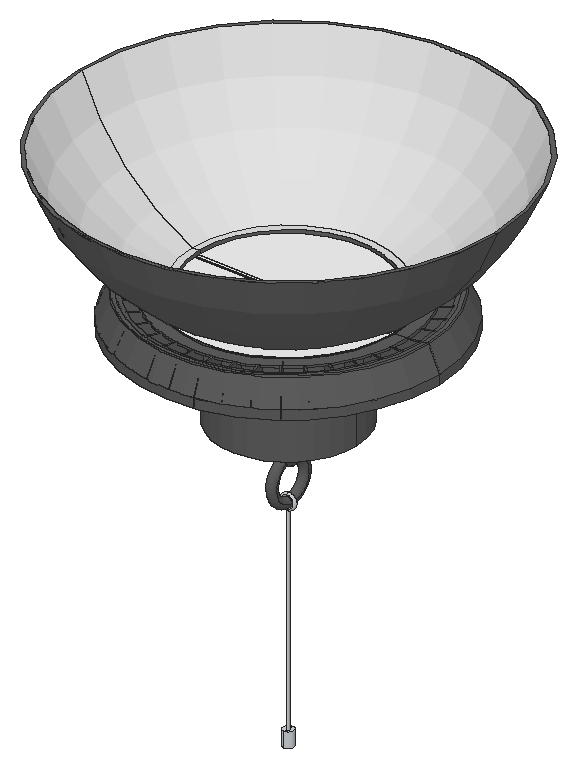
Revit family "0039366+0039357 Sylvania Lighting Fixture START HighBay IP65 DALI 19000lm 840 WB with ALU SHADE BLACK COLOR FOR 13 19KLM pendant", category Lighting Fixtures, host Face, Revit 2017
Family settings
  Host = Face
  Round Connector Dimension = Use Diameter
  Part Type = Normal
  OmniClass Number = 23.80.70.00
  OmniClass Title = Lighting
  Cut with Voids When Loaded = No
  Light Source = Yes
  Shared = No
  Room Calculation Point = No
Parameters (values of type "0039366+0039357 START HighBay IP65 DALI 19000lm 840 WB with ALU SHADE BLACK COLOR FOR 13/19KLM")
  WidthStraight_FEILO = if(SizeS_FEILO, 3 mm, if(SizeM_FEILO, 4 mm, 4.7 mm))  # 4 mm
  WidthRingChamfer_FEILO = if(SizeS_FEILO, 10.3 mm, if(SizeM_FEILO, 11.2 mm, 12.9 mm))  # 11.2 mm
  WidthCurved_FEILO = if(SizeS_FEILO, 17.4 mm, if(SizeM_FEILO, 16.4 mm, 26.2 mm))  # 16.4 mm
  WidthCurvedRing_FEILO = if(SizeS_FEILO, 3 mm, if(SizeM_FEILO, 4 mm, 4.7 mm))  # 4 mm
  WidthBracket_FEILO = 40 mm
  Weight = "3.4 kg"
  Wattage Comments = ""
  Wattage = 150 W
  WarrantyStartDate [instance] = "n/a"
  WarrantyGuarantorParts = "n/a"
  WarrantyDurationUnit = "n/a"
  WarrantyDurationParts = "n/a"
  WarrantyDescription = "n/a"
  built-in parameter 1150110 = 1 (stored number, unit not read)
  Voltage = 0 V
  VisibilityBracket_FEILO = no
  URL = "http://www.sylvania-lighting.com"
  TypeName = "START HighBay IP65 DALI 19000lm 840 WB with ALU SHADE BLACK COLOR FOR 13/19KLM"
  Type Image = <None>
  Type Comments = "n/a"
  built-in parameter 1114217 = 1 (stored number, unit not read)
  Tilt Angle = -90.00°
  ThicknessWall_FEILO = 1.5 mm
  ThicknessBracket_FEILO = 1.5 mm
  ThicknessBracketHalf_FEILO = ThicknessBracket_FEILO / 2  # 0.75 mm
  built-in parameter 1150109 = 1 (stored number, unit not read)
  built-in parameter 1150134 = 1
  SuspensionHeight_FEILO [instance] = 400 mm
  built-in parameter 1150113 = 1 (stored number, unit not read)
  SizeS_FEILO = no
  SizeM_FEILO = yes
  ShadeThickness_FEILO = 3 mm
  ShadeSizeSM_FEILO = or(SizeS_FEILO, SizeM_FEILO)  # yes
  ShadeRadiusOut_FEILO = 205 mm
  ShadeRadiusIn_FEILO = if(ShadeSizeSM_FEILO, 95 mm, 121 mm)  # 95 mm
  ShadeRadiusBend_FEILO = if(ShadeSizeSM_FEILO, 210 mm, 210 mm)  # 210 mm
  ShadeHeight_FEILO = if(ShadeSizeSM_FEILO, 120 mm, 151 mm)  # 120 mm
  SerialNumber [instance] = "n/a"
  Rib4_FEILO = if(SizeS_FEILO, 18.1 mm, if(SizeM_FEILO, 13.6 mm, 14.6 mm))  # 13.6 mm
  Rib3_FEILO = if(SizeS_FEILO, 15.3 mm, if(SizeM_FEILO, 17.6 mm, 20.2 mm))  # 17.6 mm
  Rib2_FEILO = if(SizeS_FEILO, 3.6 mm, if(SizeM_FEILO, 3.9 mm, 4.5 mm))  # 3.9 mm
  Rib1_FEILO = if(SizeS_FEILO, 15.1 mm, if(SizeM_FEILO, 16.5 mm, 19 mm))  # 16.5 mm
  RadiusDiffuser_FEILO = if(SizeS_FEILO, 95.2 mm, if(SizeM_FEILO, 105.3 mm, 120 mm))  # 105.3 mm
  RadiusArrayPost_FEILO = DriverRadius_FEILO - 6 mm  # 61.2 mm
  RHRadius3_FEILO = if(SizeS_FEILO, 6.6 mm, if(SizeM_FEILO, 7.4 mm, 8.6 mm))  # 7.4 mm
  RHRadius2_FEILO = if(SizeS_FEILO, 11 mm, if(SizeM_FEILO, 12 mm, 14 mm))  # 12 mm
  RHRadius1_FEILO = if(SizeS_FEILO, 13.6 mm, if(SizeM_FEILO, 14.9 mm, 17.7 mm))  # 14.9 mm
  RHHeight4_FEILO = if(SizeS_FEILO, 7.3 mm, if(SizeM_FEILO, 8 mm, 9.2 mm))  # 8 mm
  RHHeight3_FEILO = if(SizeS_FEILO, 3.6 mm, if(SizeM_FEILO, 3.7 mm, 4.6 mm))  # 3.7 mm
  RHHeight2_FEILO = if(SizeS_FEILO, 2 mm, if(SizeM_FEILO, 2.2 mm, 2.6 mm))  # 2.2 mm
  RHHeight1_FEILO = if(SizeS_FEILO, 11.8 mm, if(SizeM_FEILO, 15.3 mm, 17.4 mm))  # 15.3 mm
  Photometric Web File = "0039366+0039357.ies"
  Material_5_FEILO = Shade-Sylvania-StartHighbay-Alu
  Material_3_FEILO = LED-Sylvania-StartHighbay-Glow
  PowerFactor = 0.95
  PowerConsumption = "150 W"
  NominalLength = 296 mm
  NominalHeight = 172 mm
  NominalDepth = 296 mm
  Name = "START HighBay IP65 DALI 19000lm 840 WB with ALU SHADE BLACK COLOR FOR 13/19KLM"
  ModelReference = Name  # "START HighBay IP65 DALI 19000lm 840 WB with ALU SHADE BLACK COLOR FOR 13/19KLM"
  ModelNumber = "0039366+0039357"
  Model = Name  # "START HighBay IP65 DALI 19000lm 840 WB with ALU SHADE BLACK COLOR FOR 13/19KLM"
  Material = "aluminium alloy housing, polycarbonate diffuser"
  ManufacturerName = "Feilo Sylvania"
  Manufacturer = "Feilo Sylvania"
  LuminousEfficacy = "130 lm/W"
  built-in parameter 1150105 = 26502 (stored number, unit not read)
  Lumens = 19500 lm
  LuminaireType = ""
  built-in parameter 1150115 = 1 (stored number, unit not read)
  LightOutputRatio = "n/a"
  built-in parameter 1150137 = (empty or 0)
  built-in parameter 1150139 = (empty or 0)
  LampsType = Lamp  # "LED"
  LampNominalLuminous = "19500 lm"
  LampMacAdamStep = "6"
  LampColourTemperature = "6500 K"
  LampColourRenderingIndex = "80"
  built-in parameter 1150112 = 1 (stored number, unit not read)
  built-in parameter 1150114 = 1 (stored number, unit not read)
  Lamp = "LED"
  Keynote = "16500"
  InstallationDate [instance] = "n/a"
  InputVoltage = "n/a"
  InputNominalFrequency = "50/60 Hz"
  built-in parameter 1150132 = (empty or 0)
  built-in parameter 1150102 = (empty or 0)
  built-in parameter 1150107 = 6500 (stored number, unit not read)
  built-in parameter 1150138 = (empty or 0)
  IngressProtection = "IP65"
  ImpactProtectionIndex = "IK08"
  built-in parameter 1150106 = 265.02 (stored number, unit not read)
  IfcExportType = "IfcLightFixtureType"
  IfcExportAs = "IfcLightFixtureType"
  HeightRing_FEILO = if(SizeS_FEILO, 19.8 mm, if(SizeM_FEILO, 32 mm, 36.8 mm))  # 32 mm
  HeightRingChamfer_FEILO = if(SizeS_FEILO, 11.7 mm, if(SizeM_FEILO, 23.2 mm, 26.6 mm))  # 23.2 mm
  EyeThickness_FEILO = if(SizeS_FEILO, 8.4 mm, if(SizeM_FEILO, 9.2 mm, 10.5 mm))  # 9.2 mm
  EyeThicknessHalf_FEILO = EyeThickness_FEILO / 2  # 4.6 mm
  EyeInner_FEILO = if(SizeS_FEILO, 13.8 mm, if(SizeM_FEILO, 15.1 mm, 17.3 mm))  # 15.1 mm
  ExpectedLife = 50000
  Emit from Circle Diameter = RadiusDiffuser_FEILO * 2  # 210.6 mm
  Emit Shape Visible in Rendering = no
  ElectricShockClassification = "Class I"
  built-in parameter 1150104 = 12.077 (stored number, unit not read)
  DurationUnit = "hours"
  DriverVerticalStraight_FEILO = if(SizeS_FEILO, 46.5 mm, if(SizeM_FEILO, 49.7 mm, 57 mm))  # 49.7 mm
  DriverVerticalChamfer_FEILO = if(SizeS_FEILO, 7.5 mm, if(SizeM_FEILO, 8.2 mm, 9.5 mm))  # 8.2 mm
  DriverRadius_FEILO = if(SizeS_FEILO, 61.4 mm, if(SizeM_FEILO, 67.2 mm, 76.4 mm))  # 67.2 mm
  DriverRadiusTop_FEILO = if(SizeS_FEILO, 42 mm, if(SizeM_FEILO, 45.3 mm, 52.4 mm))  # 45.3 mm
  DriverBottom_FEILO = if(SizeS_FEILO, 56 mm, if(SizeM_FEILO, 64.5 mm, 74 mm))  # 64.5 mm
  DocumentationLiterature = "http://www.sylvania-lighting.com/product/en-int/products/0039366"
  DimmingControlOptions = "Dimmable"
  Material_2_FEILO = Diffuser-Sylvania-StartHighbay-Transparent
  Radius_FEILO = if(SizeS_FEILO, 135 mm, if(SizeM_FEILO, 148 mm, 169.5 mm))  # 148 mm
  Dimming Lamp Color Temperature Shift = <None>
  DiameterWire_FEILO = 3 mm
  DiameterWireSupport_FEILO = 10 mm
  Description = "START Highbay, includes 1 m cables, black aluminium housing, 19,500 Lm, 150 W, 130 Lm/W, 6500 K, drive current: 3300 mA, CRI 80, 90° beam angle, DALI dimmable, IP65, IK08, 50,000 hrs (L80/B50), (D x H) 296 x 172 mm."
  Default Elevation = 1219.2 mm
  CreatedOn = "5/15/2018"
  CreatedBy = ""
  Cost = 0
  Color Filter = 16777215
  built-in parameter 1114216 [instance] = (empty or 0)
  ClassificationValue = "EF_70_80"
  ClassificationName = "Uniclass2015"
  Material_1_FEILO = Body-Sylvania-StartHighbay-Black
  BarCode [instance] = "n/a"
  built-in parameter 1114218 = 1 (stored number, unit not read)
  built-in parameter 1150133 = 10 (stored number, unit not read)
  AssetType = "Fixed"
  AssetIdentifier [instance] = "n/a"
  Assembly Code = "D5020200"
  Apparent Load = 150 VA
  Material_4_FEILO = Shade-Sylvania-StartHighbay-Black
Reference planes
  plane 1 "Center (Front/Back)": y = 0
  plane 2: z = 0
  plane 3 "Center (Left/Right)": x = 0
  plane 4: z = 400
  plane 5: x = -148
  plane 6: x = -136.8
  plane 7: z = 376.8
  plane 8: z = 368
  plane 9: x = -132.8
  plane 10: z = 397.375
  plane 11: x = -116.4
  plane 12: x = -105.3
  plane 13: x = -128.8
  plane 14: z = 398.375
  plane 15: z = 396.375
  plane 16: x = -102.3
  plane 17: z = 395.375
  plane 18: x = -146.5
  plane 19: x = -131.5
  plane 20: z = 364.1
  plane 21: x = -113.9
  plane 22: z = 350.5
  plane 23: x = -20
  plane 24: z = 335.5
  plane 25: x = -67.2
  plane 26: z = 285.8
  plane 27: x = -45.3
  plane 28: z = 277.6
  plane 29: x = -14.9
  plane 30: z = 262.3
  plane 31: z = 260.1
  plane 32: x = -12
  plane 33: z = 256.4
  plane 34: z = 248.4
  plane 35: x = -7.4
  plane 36: z = 233.3
  plane 37: z = 218.2
  plane 38: x = 4.6
  plane 39: x = -4.6
  plane 40: z = 209
  plane 41: z = 213.6
  plane 42: x = -141.65
  plane 43: x = -145.5
  plane 44: z = 366.5
  plane 45: x = -135.3
  plane 46: z = 310.65
  plane 47: y = -20
  plane 48: y = 20
  plane 49: x = 148
  plane 50: x = 136.8
  plane 51: x = 146.5
  plane 52: x = 141.65
  plane 53: x = 145.5
  plane 54: x = 135.3
  plane 55: z = 221.2
  plane 56: y = 1.5
  plane 57: y = -1.5
  plane 58: z = 219.7
  plane 59: z = 207.5
  plane 60: z = 206
  plane 61: y = -5
  plane 62: y = 5
  plane 63: z = 14
  plane 64: x = -205
  plane 65: z = 520
  plane 66: x = -95
  plane 67: x = -87
  plane 68: x = -202
  plane 69: z = 403
Forms (mm)
  Revolve 1, solid, material "Body-Sylvania-StartHighbay-Black" <- "Material_1_FEILO", detail levels medium+fine
    sketch origin (0, 0, 0) x (1, 0, 0) y (0, 0, 1)
      loop
        line (-148, 368) -> (-146.5, 368) -> (-146.5, 376.457) -> (-136.402, 397.375) -> (-128.8, 397.375) -> (-128.8, 398.859)
        arc (-128.8, 398.859) -> (-130.811, 399.39) -> (-132.8, 400) r 52.543
        line (-132.8, 400) -> (-136.341, 400)
        arc (-136.341, 400) -> (-136.831, 399.825) -> (-137.099, 399.38) r 0.774
        line (-137.099, 399.38) -> (-148, 376.8) -> (-148, 368)
      axis (0, 400) -> (0, 368)
    angle from 360 to 0
  Revolve 2, solid, material "Body-Sylvania-StartHighbay-Black" <- "Material_1_FEILO", detail levels medium+fine
    sketch origin (0, 0, 0) x (1, 0, 0) y (0, 0, 1)
      loop
        line (-116.4, 395.375) -> (-105.3, 395.375) -> (-105.3, 376.8) -> (0, 376.8) -> (0, 395.375) -> (-102.3, 395.375) -> (-102.3, 396.375) -> (-105.3, 396.375) -> (-105.3, 397.375) -> (-116.4, 397.375) -> (-116.4, 395.375)
      axis (0, 397.375) -> (0, 376.8)
    angle from 360 to 0
  Revolve 3, solid, material "Diffuser-Sylvania-StartHighbay-Transparent" <- "Material_2_FEILO", detail levels medium+fine
    sketch origin (0, 0, 0) x (1, 0, 0) y (0, 0, 1)
      loop
        line (-105.3, 396.375) -> (0, 396.375) -> (0, 398.375) -> (-105.3, 398.375) -> (-105.3, 396.375)
      axis (0, 398.375) -> (0, 396.375)
    angle from 360 to 0
  Revolve 4, solid, material "Body-Sylvania-StartHighbay-Black" <- "Material_1_FEILO"
    sketch origin (0, 0, 0) x (1, 0, 0) y (0, 0, 1)
      loop
        line (-67.2, 350.5) -> (-67.2, 285.8) -> (-45.3, 277.6) -> (-14.9, 277.6) -> (-14.9, 262.3) -> (-12, 260.1) -> (-12, 256.4) -> (-7.837, 249.126)
        arc (-7.837, 249.126) -> (-7.29, 248.594) -> (-6.553, 248.4) r 1.5
        line (-6.553, 248.4) -> (0, 248.4) -> (0, 350.5) -> (-67.2, 350.5)
      axis (0, 350.5) -> (0, 248.4)
    angle from 360 to 0
  Revolve 5, solid, material "Body-Sylvania-StartHighbay-Black" <- "Material_1_FEILO"
    sketch origin (0, 0, 0) x (1, 0, 0) y (0, 0, 1)
      loop
        circle (0, 213.6) r 4.6
      axis (4.6, 233.3) -> (-4.6, 233.3)
    angle from 360 to 0
  Extrusion 6, solid, material "Body-Sylvania-StartHighbay-Black" <- "Material_1_FEILO", visible <- "VisibilityBracket_FEILO"
    sketch origin (0, 0, 0) x (1, 0, 0) y (0, 0, 1)
      loop
        line (-145.5, 368) -> (-145.5, 366.5) -> (-137.55, 366.5)
        arc (-137.55, 366.5) -> (-137.02, 366.28) -> (-136.8, 365.75) r 0.75
        line (-136.8, 365.75) -> (-136.8, 310.65) -> (-135.3, 310.65) -> (-135.3, 366.5)
        arc (-135.3, 366.5) -> (-135.739, 367.561) -> (-136.8, 368) r 1.5
        line (-136.8, 368) -> (-145.5, 368)
      loop
        line (145.5, 368) -> (136.8, 368)
        arc (136.8, 368) -> (135.739, 367.561) -> (135.3, 366.5) r 1.5
        line (135.3, 366.5) -> (135.3, 310.65) -> (136.8, 310.65) -> (136.8, 365.75)
        arc (136.8, 365.75) -> (137.02, 366.28) -> (137.55, 366.5) r 0.75
        line (137.55, 366.5) -> (145.5, 366.5) -> (145.5, 368)
    from -20 to 20
  Extrusion 7, void
    sketch origin (0, 0, 0) x (0, 1, 0) y (0, 0, 1)
      loop
        arc (-10, 310.65) -> (-17.071, 313.579) -> (-20, 320.65) r 10
        line (-20, 320.65) -> (-25, 320.65) -> (-25, 305.65) -> (-10, 305.65) -> (-10, 310.65)
      loop
        line (10, 310.65) -> (10, 305.65) -> (25, 305.65) -> (25, 320.65) -> (20, 320.65)
        arc (20, 320.65) -> (17.071, 313.579) -> (10, 310.65) r 10
    from -136.8 to 136.8
  Revolve 8, solid, material "Body-Sylvania-StartHighbay-Black" <- "Material_1_FEILO", detail levels coarse
    sketch origin (0, 0, 0) x (1, 0, 0) y (0, 0, 1)
      loop
        line (0, 400) -> (-136.8, 400) -> (-148, 376.8) -> (-148, 368) -> (-131.5, 368) -> (-131.5, 364.1) -> (-113.9, 350.5) -> (0, 350.5) -> (0, 400)
      axis (0, 400) -> (0, 350.5)
    angle from 360 to 0
  Revolve 9, solid
    sketch origin (0, 0, 0) x (0, 1, 0) y (0, 0, 1)
      loop
        circle (0, 219.7) r 1.5
      axis (1.5, 213.6) -> (-1.5, 213.6)
    angle from 360 to 0
  Revolve 10, solid
    sketch origin (0, 0, 0) x (0, 1, 0) y (0, 0, 1)
      loop
        line (0, 0) -> (0, 207.5) -> (-1.5, 207.5) -> (-1.5, 14) -> (-5, 14) -> (-5, 0) -> (0, 0)
      axis (0, 0) -> (0, 207.5)
    angle from 360 to 0
  Revolve 11, solid, material "Shade-Sylvania-StartHighbay-Black" <- "Material_4_FEILO"
    sketch origin (0, 0, 0) x (1, 0, 0) y (0, 0, 1)
      loop
        line (-95, 400) -> (-87, 400) -> (-87, 403) -> (-94.341, 403)
        arc (-94.341, 403) -> (-159.747, 450.78) -> (-201.81, 520) r 207
        line (-201.81, 520) -> (-205, 520)
        arc (-205, 520) -> (-162.101, 448.908) -> (-95, 400) r 210
      axis (0, 520) -> (0, 400)
    angle from 360 to 0
Cuts and joins
  Extrusion 7 cuts Extrusion 6
Lines and regions (mm)
  reference lines
    curve 1: line (-148, 0, 376.8) -> (-136.8, 0, 400)
    curve 2: line (-116.4, 0, 397.375) -> (0, 0, 397.375)
    curve 3: arc (-116.4, 0, 397.375) -> (-124.704, 0, 398.035) -> (-132.8, 0, 400) r 52.543
    curve 4: line (-136.8, 0, 400) -> (-132.8, 0, 400)
    curve 5: line (-136.402, 0, 397.375) -> (-146.5, 0, 376.457)
    curve 6: line (-131.5, 0, 364.1) -> (-113.9, 0, 350.5)
    curve 7: line (-12, 0, 256.4) -> (-7.4, 0, 248.4)
    curve 8: circle (0, 0, 213.6) r 4.6 normal (0, -1, 0)
    curve 9: arc (-95, 0, 400) -> (-162.101, 0, 448.908) -> (-205, 0, 520) r 210
Dimensions and locks
  "Radius_FEILO": plane 3 "Center (Left/Right)" to plane 5
  "WidthRingChamfer_FEILO": plane 6 to plane 5
  "WidthStraight_FEILO": plane 9 to plane 6
  "WidthCurvedRing_FEILO": plane 13 to plane 9
  locked: plane 10 to plane 15 at 1
  locked: plane 14 to plane 10 at 1
  locked: plane 4 to plane 10 at 2.625
  locked: plane 15 to plane 17 at 1
  "ThicknessWall_FEILO": plane 18 to plane 5
  "ThicknessWall_FEILO": curve 5 to curve 1
  "HeightRingChamfer_FEILO": plane 4 to plane 7
  "HeightRing_FEILO": plane 4 to plane 8
  "RadiusDiffuser_FEILO": plane 3 "Center (Left/Right)" to plane 12
  locked: plane 16 to plane 12 at 3
  "WidthCurved_FEILO": plane 11 to plane 9
  "SuspensionHeight_FEILO": plane 4 to plane 2
  "Rib1_FEILO": plane 19 to plane 5
  "Rib2_FEILO": plane 8 to plane 20
  "Rib3_FEILO": plane 21 to plane 19
  "Rib4_FEILO": plane 20 to plane 22
  locked: plane 3 "Center (Left/Right)" to plane 23 at 20
  "DriverBottom_FEILO": plane 4 to plane 24
  "DriverRadius_FEILO": plane 3 "Center (Left/Right)" to plane 25
  "DriverVerticalStraight_FEILO": plane 24 to plane 26
  "DriverRadiusTop_FEILO": plane 3 "Center (Left/Right)" to plane 27
  "DriverVerticalChamfer_FEILO": plane 26 to plane 28
  "RHRadius1_FEILO": plane 3 "Center (Left/Right)" to plane 29
  "RHHeight2_FEILO": plane 30 to plane 31
  "RHRadius2_FEILO": plane 3 "Center (Left/Right)" to plane 32
  "RHHeight3_FEILO": plane 31 to plane 33
  "RHHeight4_FEILO": plane 33 to plane 34
  "RHRadius3_FEILO": plane 3 "Center (Left/Right)" to plane 35
  "RHHeight1_FEILO": plane 28 to plane 30
  "EyeInner_FEILO": plane 34 to plane 36
  "EyeInner_FEILO": plane 36 to plane 37
  equal spacing: plane 38, plane 3 "Center (Left/Right)", plane 39
  "EyeThickness_FEILO": plane 38 to plane 39
  "EyeThickness_FEILO": plane 37 to plane 40
  equal spacing: plane 37, plane 41, plane 40
  equal spacing: plane 6, plane 42, plane 18
  "ThicknessBracket_FEILO": plane 45 to plane 6
  "ThicknessBracket_FEILO": plane 8 to plane 44
  locked: plane 43 to plane 18 at 1
  equal spacing: plane 24, plane 46, plane 26
  equal spacing: plane 47, plane 1 "Center (Front/Back)", plane 48
  "WidthBracket_FEILO": plane 47 to plane 48
  "WidthRingChamfer_FEILO": plane 50 to plane 49
  "ThicknessWall_FEILO": plane 51 to plane 49
  equal spacing: plane 50, plane 52, plane 51
  "ThicknessBracket_FEILO": plane 54 to plane 50
  locked: plane 53 to plane 51 at 1
  "Radius_FEILO": plane 49 to plane 3 "Center (Left/Right)"
  equal spacing: plane 57, imposter light, plane 56
  "DiameterWire_FEILO": plane 57 to plane 56
  "DiameterWire_FEILO": plane 37 to plane 55
  equal spacing: plane 37, plane 58, plane 55
  "DiameterWire_FEILO": plane 60 to plane 40
  equal spacing: plane 60, plane 59, plane 40
  equal spacing: plane 61, plane 1 "Center (Front/Back)", plane 62
  "DiameterWireSupport_FEILO": plane 61 to plane 62
  locked: plane 63 to plane 2 at 14
  "ShadeRadiusOut_FEILO": plane 3 "Center (Left/Right)" to plane 64
  "ShadeHeight_FEILO": plane 65 to plane 4
  "ShadeRadiusIn_FEILO": plane 3 "Center (Left/Right)" to plane 66
  locked: plane 67 to plane 66 at 8
  "ShadeThickness_FEILO": plane 69 to plane 4
  "ShadeThickness_FEILO": plane 68 to plane 64
  "EyeThicknessHalf_FEILO": radius of curve 8
  "ThicknessBracket_FEILO": radius of Extrusion 6 sketch curve  (x2)
  "ThicknessBracketHalf_FEILO": radius of Extrusion 6 sketch curve  (x2)
  "DiameterWire_FEILO": diameter of Revolve 9 sketch curve
  "ShadeRadiusBend_FEILO": radius of curve 9
  aligned and locked: plane 2 to host face
  aligned and locked: level to host face
  aligned and locked: plane 5 to curve 1
  aligned and locked: plane 6 to curve 1
  aligned and locked: plane 7 to curve 1
  aligned and locked: plane 10 to curve 2
  aligned and locked: plane 9 to curve 3
  aligned and locked: plane 4 to curve 3
  aligned and locked: plane 11 to curve 3
  aligned and locked: plane 4 to curve 4
  aligned and locked: plane 18 to curve 5
  aligned and locked: plane 10 to curve 5
  aligned and locked: Revolve 1 sketch curve to plane 3 "Center (Left/Right)"
  aligned and locked: Revolve 1 sketch curve to curve 3
  aligned and locked: Revolve 1 sketch curve to curve 1
  aligned and locked: plane 4 to Revolve 1 sketch curve
  aligned and locked: plane 9 to Revolve 1 sketch curve
  aligned and locked: Revolve 1 sketch curve to plane 13
  aligned and locked: Revolve 1 sketch curve to plane 10
  aligned and locked: plane 13 to Revolve 1 sketch curve
  aligned and locked: plane 10 to Revolve 1 sketch curve
  aligned and locked: Revolve 1 sketch curve to plane 18
  aligned and locked: Revolve 1 sketch curve to plane 8
  aligned and locked: plane 5 to Revolve 1 sketch curve  (x2)
  aligned and locked: Revolve 2 sketch curve to plane 3 "Center (Left/Right)"
  aligned and locked: plane 11 to Revolve 2 sketch curve
  aligned and locked: Revolve 2 sketch curve to curve 2
  aligned and locked: plane 15 to Revolve 2 sketch curve
  aligned and locked: Revolve 2 sketch curve to plane 16
  aligned and locked: plane 17 to Revolve 2 sketch curve  (x2)
  aligned and locked: Revolve 2 sketch curve to plane 12
  aligned and locked: plane 7 to Revolve 2 sketch curve
  aligned and locked: Revolve 3 sketch curve to plane 3 "Center (Left/Right)"
  aligned and locked: Revolve 3 sketch curve to plane 14
  aligned and locked: plane 3 "Center (Left/Right)" to Revolve 3 sketch curve
  aligned and locked: Revolve 3 sketch curve to plane 12
  aligned and locked: plane 15 to Revolve 3 sketch curve
  aligned and locked: Revolve 1 sketch curve to curve 5
  aligned and locked: plane 22 to curve 6
  aligned and locked: plane 21 to curve 6
  aligned and locked: plane 20 to curve 6
  aligned and locked: plane 19 to curve 6
  aligned and locked: plane 33 to curve 7
  aligned and locked: plane 32 to curve 7
  aligned and locked: plane 35 to curve 7
  aligned and locked: plane 34 to curve 7
  aligned and locked: Revolve 4 sketch curve to plane 3 "Center (Left/Right)"
  aligned and locked: Revolve 4 sketch curve to plane 25
  aligned and locked: plane 27 to Revolve 4 sketch curve
  aligned and locked: plane 28 to Revolve 4 sketch curve
  aligned and locked: plane 30 to Revolve 4 sketch curve
  aligned and locked: Revolve 4 sketch curve to plane 29
  aligned and locked: plane 31 to Revolve 4 sketch curve
  aligned and locked: Revolve 4 sketch curve to curve 7
  aligned and locked: Revolve 4 sketch curve to plane 32
  aligned and locked: plane 34 to Revolve 4 sketch curve
  aligned and locked: plane 3 "Center (Left/Right)" to Revolve 4 sketch curve
  aligned and locked: plane 3 "Center (Left/Right)" to curve 8
  aligned and locked: plane 41 to curve 8
  aligned and locked: Revolve 5 sketch curve to plane 36
  aligned and locked: Revolve 5 sketch curve to curve 8
  aligned and locked: plane 43 to Extrusion 6 sketch curve  (x2)
  aligned and locked: plane 8 to Extrusion 6 sketch curve  (x3)
  aligned and locked: Extrusion 6 sketch curve to plane 45
  aligned and locked: Extrusion 6 sketch curve to plane 46  (x2)
  aligned and locked: plane 6 to Extrusion 6 sketch curve
  aligned and locked: Extrusion 6 sketch curve to plane 44  (x2)
  aligned and locked: Extrusion 6 to plane 48
  aligned and locked: plane 47 to Extrusion 6
  aligned and locked: plane 53 to Extrusion 6 sketch curve
  aligned and locked: plane 50 to Extrusion 6 sketch curve
  aligned and locked: Extrusion 6 sketch curve to plane 54
  aligned and locked: Extrusion 7 sketch curve to Extrusion 7 sketch curve
  aligned and locked: Extrusion 7 to plane 6
  aligned and locked: Extrusion 7 to Extrusion 6
  aligned and locked: Revolve 4 sketch curve to plane 22
  aligned and locked: plane 23 to nested 1
  aligned and locked: plane 1 "Center (Front/Back)" to nested 1
  aligned and locked: Revolve 8 sketch curve to plane 3 "Center (Left/Right)"
  aligned and locked: Revolve 8 sketch curve to plane 4
  aligned and locked: plane 6 to Revolve 8 sketch curve
  aligned and locked: plane 4 to Revolve 8 sketch curve
  aligned and locked: plane 7 to Revolve 8 sketch curve
  aligned and locked: Revolve 8 sketch curve to plane 5
  aligned and locked: plane 8 to Revolve 8 sketch curve  (x2)
  aligned and locked: Revolve 8 sketch curve to plane 19
  aligned and locked: plane 20 to Revolve 8 sketch curve
  aligned and locked: plane 19 to Revolve 8 sketch curve
  aligned and locked: plane 21 to Revolve 8 sketch curve
  aligned and locked: plane 22 to Revolve 8 sketch curve  (x2)
  aligned and locked: Revolve 8 sketch curve to Revolve 8 sketch curve
  aligned and locked: imposter light to plane 4
  aligned and locked: plane 3 "Center (Left/Right)" to imposter light
  aligned and locked: imposter light to plane 1 "Center (Front/Back)"
  aligned and locked: Revolve 9 sketch curve to plane 41
  aligned and locked: Revolve 10 sketch curve to plane 1 "Center (Front/Back)"
  aligned and locked: plane 1 "Center (Front/Back)" to Revolve 10 sketch curve  (x2)
  aligned and locked: host face to Revolve 10 sketch curve
  aligned and locked: plane 63 to Revolve 10 sketch curve
  aligned and locked: Revolve 10 sketch curve to plane 61
  aligned and locked: Revolve 10 sketch curve to plane 57
  aligned and locked: plane 59 to Revolve 10 sketch curve
  aligned and locked: plane 64 to curve 9
  aligned and locked: plane 65 to curve 9
  aligned and locked: plane 66 to curve 9
  aligned and locked: plane 4 to curve 9
  aligned and locked: Revolve 11 sketch curve to curve 9
  aligned and locked: plane 67 to Revolve 11 sketch curve
  aligned and locked: plane 66 to Revolve 11 sketch curve
  aligned and locked: plane 65 to Revolve 11 sketch curve  (x2)
  aligned and locked: Revolve 11 sketch curve to plane 67
  aligned and locked: plane 69 to Revolve 11 sketch curve
Automatic sketch dimensions
  host sketch curve to host sketch curve = 2438.4 mm  (x2)
  Revolve 1 sketch curve to plane 6 = 0.299 mm
  plane 6 to Revolve 1 sketch curve = 0.459 mm
  Revolve 1 sketch curve to level = 609.6 mm
  Revolve 1 sketch curve to Revolve 1 sketch curve = 2312.223 mm
  Revolve 2 sketch curve to plane 12 = 0 mm
  Revolve 2 sketch curve to plane 3 "Center (Left/Right)" = 0 mm
  Revolve 2 sketch curve to level = 609.6 mm
  Revolve 2 sketch curve to plane 4 = 2339.058 mm
  Revolve 3 sketch curve to level = 609.6 mm
  Revolve 3 sketch curve to plane 4 = 2339.058 mm
  Revolve 5 sketch curve to plane 5 = 1080 mm
  plane 38 to Revolve 5 sketch curve = 1219.2 mm
  Extrusion 7 sketch curve to plane 47 = 0 mm
  plane 46 to Extrusion 7 sketch curve = 0 mm  (x2)
  Extrusion 7 sketch curve to plane 48 = 0 mm
  plane 47 to Extrusion 7 sketch curve = 5 mm
  plane 1 "Center (Front/Back)" to Extrusion 7 sketch curve = 10 mm
  Extrusion 7 sketch curve to Extrusion 7 sketch curve = 10 mm
  plane 46 to Extrusion 7 sketch curve = 5 mm
  Extrusion 7 sketch curve to Extrusion 7 sketch curve = 5 mm
  Extrusion 7 sketch curve to plane 48 = 5 mm
  Revolve 4 sketch curve to plane 26 = 0 mm
  Revolve 4 sketch curve to plane 35 = 0.437 mm
  plane 35 to Revolve 4 sketch curve = 0.847 mm
  Revolve 4 sketch curve to plane 34 = 0.726 mm
  plane 40 to Revolve 4 sketch curve = 590.2 mm
  Revolve 4 sketch curve to plane 4 = 2339.058 mm
  Revolve 8 sketch curve to level = 609.6 mm
  Revolve 8 sketch curve to Revolve 8 sketch curve = 2386.058 mm
  Revolve 9 sketch curve to plane 1 "Center (Front/Back)" = 0 mm
  plane 58 to Revolve 9 sketch curve = 0 mm
  plane 47 to Revolve 9 sketch curve = 2534.941 mm
  Revolve 9 sketch curve to plane 48 = 2077.409 mm
  Revolve 10 sketch curve to Revolve 10 sketch curve = 609.6 mm
  Revolve 10 sketch curve to plane 4 = 2123.807 mm
  curve 2 to plane 3 "Center (Left/Right)" = 0 mm
  Revolve 11 sketch curve to Revolve 11 sketch curve = 0 mm  (x2)
  Revolve 11 sketch curve to plane 3 "Center (Left/Right)" = 0 mm
  plane 66 to Revolve 11 sketch curve = 0.659 mm
  Revolve 11 sketch curve to level = 609.6 mm
  Revolve 11 sketch curve to Revolve 11 sketch curve = 2068.248 mm
Nested families
  nested 1: "Start Highbay Rib" at (0, 0, 397.375), type "Type Name", detail levels medium+fine
    with SuspensionHeight_FEILO 2.6 mm
  nested 2: "Start Highbay Rib" at (0, 0, 397.375) x (0.9877, 0.1564, 0) z (0, 0, 1), type "Type Name", detail levels medium+fine
    with SuspensionHeight_FEILO 2.6 mm
  nested 3: "Start Highbay Rib" at (0, 0, 397.375) x (0.9511, 0.309, 0) z (0, 0, 1), type "Type Name", detail levels medium+fine
    with SuspensionHeight_FEILO 2.6 mm
  nested 4: "Start Highbay Rib" at (0, 0, 397.375) x (0.891, 0.454, 0) z (0, 0, 1), type "Type Name", detail levels medium+fine
    with SuspensionHeight_FEILO 2.6 mm
  nested 5: "Start Highbay Rib" at (0, 0, 397.375) x (0.809, 0.5878, 0) z (0, 0, 1), type "Type Name", detail levels medium+fine
    with SuspensionHeight_FEILO 2.6 mm
  nested 6: "Start Highbay Rib" at (0, 0, 397.375) x (0.7071, 0.7071, 0) z (0, 0, 1), type "Type Name", detail levels medium+fine
    with SuspensionHeight_FEILO 2.6 mm
  nested 7: "Start Highbay Rib" at (0, 0, 397.375) x (0.5878, 0.809, 0) z (0, 0, 1), type "Type Name", detail levels medium+fine
    with SuspensionHeight_FEILO 2.6 mm
  nested 8: "Start Highbay Rib" at (0, 0, 397.375) x (0.454, 0.891, 0) z (0, 0, 1), type "Type Name", detail levels medium+fine
    with SuspensionHeight_FEILO 2.6 mm
  nested 9: "Start Highbay Rib" at (0, 0, 397.375) x (0.309, 0.9511, 0) z (0, 0, 1), type "Type Name", detail levels medium+fine
    with SuspensionHeight_FEILO 2.6 mm
  nested 10: "Start Highbay Rib" at (0, 0, 397.375) x (0.1564, 0.9877, 0) z (0, 0, 1), type "Type Name", detail levels medium+fine
    with SuspensionHeight_FEILO 2.6 mm
  nested 11: "Start Highbay Rib" at (0, 0, 397.375) x (0, 1, 0) z (0, 0, 1), type "Type Name", detail levels medium+fine
    with SuspensionHeight_FEILO 2.6 mm
  nested 12: "Start Highbay Rib" at (0, 0, 397.375) x (-0.1564, 0.9877, 0) z (0, 0, 1), type "Type Name", detail levels medium+fine
    with SuspensionHeight_FEILO 2.6 mm
  nested 13: "Start Highbay Rib" at (0, 0, 397.375) x (-0.309, 0.9511, 0) z (0, 0, 1), type "Type Name", detail levels medium+fine
    with SuspensionHeight_FEILO 2.6 mm
  nested 14: "Start Highbay Rib" at (0, 0, 397.375) x (-0.454, 0.891, 0) z (0, 0, 1), type "Type Name", detail levels medium+fine
    with SuspensionHeight_FEILO 2.6 mm
  nested 15: "Start Highbay Rib" at (0, 0, 397.375) x (-0.5878, 0.809, 0) z (0, 0, 1), type "Type Name", detail levels medium+fine
    with SuspensionHeight_FEILO 2.6 mm
  nested 16: "Start Highbay Rib" at (0, 0, 397.375) x (-0.7071, 0.7071, 0) z (0, 0, 1), type "Type Name", detail levels medium+fine
    with SuspensionHeight_FEILO 2.6 mm
  nested 17: "Start Highbay Rib" at (0, 0, 397.375) x (-0.809, 0.5878, 0) z (0, 0, 1), type "Type Name", detail levels medium+fine
    with SuspensionHeight_FEILO 2.6 mm
  nested 18: "Start Highbay Rib" at (0, 0, 397.375) x (-0.891, 0.454, 0) z (0, 0, 1), type "Type Name", detail levels medium+fine
    with SuspensionHeight_FEILO 2.6 mm
  nested 19: "Start Highbay Rib" at (0, 0, 397.375) x (-0.9511, 0.309, 0) z (0, 0, 1), type "Type Name", detail levels medium+fine
    with SuspensionHeight_FEILO 2.6 mm
  nested 20: "Start Highbay Rib" at (0, 0, 397.375) x (-0.9877, 0.1564, 0) z (0, 0, 1), type "Type Name", detail levels medium+fine
    with SuspensionHeight_FEILO 2.6 mm
  nested 21: "Start Highbay Rib" at (0, 0, 397.375) x (-1, 0, 0) z (0, 0, 1), type "Type Name", detail levels medium+fine
    with SuspensionHeight_FEILO 2.6 mm
  nested 22: "Start Highbay Rib" at (0, 0, 397.375) x (-0.9877, -0.1564, 0) z (0, 0, 1), type "Type Name", detail levels medium+fine
    with SuspensionHeight_FEILO 2.6 mm
  nested 23: "Start Highbay Rib" at (0, 0, 397.375) x (-0.9511, -0.309, 0) z (0, 0, 1), type "Type Name", detail levels medium+fine
    with SuspensionHeight_FEILO 2.6 mm
  nested 24: "Start Highbay Rib" at (0, 0, 397.375) x (-0.891, -0.454, 0) z (0, 0, 1), type "Type Name", detail levels medium+fine
    with SuspensionHeight_FEILO 2.6 mm
  nested 25: "Start Highbay Rib" at (0, 0, 397.375) x (-0.809, -0.5878, 0) z (0, 0, 1), type "Type Name", detail levels medium+fine
    with SuspensionHeight_FEILO 2.6 mm
  nested 26: "Start Highbay Rib" at (0, 0, 397.375) x (-0.7071, -0.7071, 0) z (0, 0, 1), type "Type Name", detail levels medium+fine
    with SuspensionHeight_FEILO 2.6 mm
  nested 27: "Start Highbay Rib" at (0, 0, 397.375) x (-0.5878, -0.809, 0) z (0, 0, 1), type "Type Name", detail levels medium+fine
    with SuspensionHeight_FEILO 2.6 mm
  nested 28: "Start Highbay Rib" at (0, 0, 397.375) x (-0.454, -0.891, 0) z (0, 0, 1), type "Type Name", detail levels medium+fine
    with SuspensionHeight_FEILO 2.6 mm
  nested 29: "Start Highbay Rib" at (0, 0, 397.375) x (-0.309, -0.9511, 0) z (0, 0, 1), type "Type Name", detail levels medium+fine
    with SuspensionHeight_FEILO 2.6 mm
  nested 30: "Start Highbay Rib" at (0, 0, 397.375) x (-0.1564, -0.9877, 0) z (0, 0, 1), type "Type Name", detail levels medium+fine
    with SuspensionHeight_FEILO 2.6 mm
  nested 31: "Start Highbay Rib" at (0, 0, 397.375) x (0, -1, 0) z (0, 0, 1), type "Type Name", detail levels medium+fine
    with SuspensionHeight_FEILO 2.6 mm
  nested 32: "Start Highbay Rib" at (0, 0, 397.375) x (0.1564, -0.9877, 0) z (0, 0, 1), type "Type Name", detail levels medium+fine
    with SuspensionHeight_FEILO 2.6 mm
  nested 33: "Start Highbay Rib" at (0, 0, 397.375) x (0.309, -0.9511, 0) z (0, 0, 1), type "Type Name", detail levels medium+fine
    with SuspensionHeight_FEILO 2.6 mm
  nested 34: "Start Highbay Rib" at (0, 0, 397.375) x (0.454, -0.891, 0) z (0, 0, 1), type "Type Name", detail levels medium+fine
    with SuspensionHeight_FEILO 2.6 mm
  nested 35: "Start Highbay Rib" at (0, 0, 397.375) x (0.5878, -0.809, 0) z (0, 0, 1), type "Type Name", detail levels medium+fine
    with SuspensionHeight_FEILO 2.6 mm
  nested 36: "Start Highbay Rib" at (0, 0, 397.375) x (0.7071, -0.7071, 0) z (0, 0, 1), type "Type Name", detail levels medium+fine
    with SuspensionHeight_FEILO 2.6 mm
  nested 37: "Start Highbay Rib" at (0, 0, 397.375) x (0.809, -0.5878, 0) z (0, 0, 1), type "Type Name", detail levels medium+fine
    with SuspensionHeight_FEILO 2.6 mm
  nested 38: "Start Highbay Rib" at (0, 0, 397.375) x (0.891, -0.454, 0) z (0, 0, 1), type "Type Name", detail levels medium+fine
    with SuspensionHeight_FEILO 2.6 mm
  nested 39: "Start Highbay Rib" at (0, 0, 397.375) x (0.9511, -0.309, 0) z (0, 0, 1), type "Type Name", detail levels medium+fine
    with SuspensionHeight_FEILO 2.6 mm
  nested 40: "Start Highbay Rib" at (0, 0, 397.375) x (0.9877, -0.1564, 0) z (0, 0, 1), type "Type Name", detail levels medium+fine
    with SuspensionHeight_FEILO 2.6 mm
Connectors
  electrical at (0, 0, 0), driven by "Apparent Load", driven by "PowerFactor", driven by "Voltage"
    settings: index 1, voltage 0 V, apparent load 150 VA, apparent load phase1 0 VA, apparent load phase2 0 VA, apparent load phase3 0 VA, power factor 0.95, load classification "Lighting", number of poles 1, system type 30, power factor state 1, is connector primary yes, connector utility no, sub classification motor no, connector description ""
Definition of nested family "Start Highbay Rib"
  Parameters (values of type "Type Name")
    WidthStraight_FEILO = if(SizeS_FEILO, 3 mm, if(SizeM_FEILO, 4 mm, 4.7 mm))  # 3 mm
    WidthRingChamfer_FEILO = if(SizeS_FEILO, 10.3 mm, if(SizeM_FEILO, 11.2 mm, 12.9 mm))  # 10.3 mm
    WidthCurved_FEILO = if(SizeS_FEILO, 17.4 mm, if(SizeM_FEILO, 16.4 mm, 26.2 mm))  # 17.4 mm
    WidthCurvedRing_FEILO = if(SizeS_FEILO, 3 mm, if(SizeM_FEILO, 4 mm, 4.7 mm))  # 3 mm
    WidthBracket_FEILO = 40 mm
    URL = "http://www.feilosylvania.com"
    Type Image = (empty or 0)
    Type Comments = "n/a"
    ThicknessWall_FEILO = 1.5 mm
    ThicknessBracket_FEILO = 1.5 mm
    ThicknessBracketHalf_FEILO = ThicknessBracket_FEILO / 2  # 0.75 mm
    SuspensionHeight_FEILO [instance] = 2.6 mm
    SizeS_FEILO = yes
    SizeM_FEILO = no
    Rib4_FEILO = if(SizeS_FEILO, 18.1 mm, if(SizeM_FEILO, 13.6 mm, 14.6 mm))  # 18.1 mm
    Rib3_FEILO = if(SizeS_FEILO, 15.3 mm, if(SizeM_FEILO, 17.6 mm, 20.2 mm))  # 15.3 mm
    Rib2_FEILO = if(SizeS_FEILO, 3.6 mm, if(SizeM_FEILO, 3.9 mm, 4.5 mm))  # 3.6 mm
    Rib1_FEILO = if(SizeS_FEILO, 15.1 mm, if(SizeM_FEILO, 16.5 mm, 19 mm))  # 15.1 mm
    RadiusRib_FEILO = 2 mm
    RadiusDiffuser_FEILO = if(SizeS_FEILO, 95.2 mm, if(SizeM_FEILO, 105.3 mm, 120 mm))  # 95.2 mm
    RHRadius3_FEILO = if(SizeS_FEILO, 6.6 mm, if(SizeM_FEILO, 7.4 mm, 8.6 mm))  # 6.6 mm
    RHRadius2_FEILO = if(SizeS_FEILO, 11 mm, if(SizeM_FEILO, 12 mm, 14 mm))  # 11 mm
    RHRadius1_FEILO = if(SizeS_FEILO, 13.6 mm, if(SizeM_FEILO, 14.9 mm, 17.7 mm))  # 13.6 mm
    RHHeight4_FEILO = if(SizeS_FEILO, 7.3 mm, if(SizeM_FEILO, 8 mm, 9.2 mm))  # 7.3 mm
    RHHeight3_FEILO = if(SizeS_FEILO, 3.6 mm, if(SizeM_FEILO, 3.7 mm, 4.6 mm))  # 3.6 mm
    RHHeight2_FEILO = if(SizeS_FEILO, 2 mm, if(SizeM_FEILO, 2.2 mm, 2.6 mm))  # 2 mm
    RHHeight1_FEILO = if(SizeS_FEILO, 11.8 mm, if(SizeM_FEILO, 15.3 mm, 17.4 mm))  # 11.8 mm
    Material_3_FEILO = none
    Model = ""
    Manufacturer = "Feilo Sylvania"
    Keynote = "16500"
    HeightRing_FEILO = if(SizeS_FEILO, 19.8 mm, if(SizeM_FEILO, 32 mm, 36.8 mm))  # 19.8 mm
    HeightRingChamfer_FEILO = if(SizeS_FEILO, 11.7 mm, if(SizeM_FEILO, 23.2 mm, 26.6 mm))  # 11.7 mm
    EyeThickness_FEILO = if(SizeS_FEILO, 8.4 mm, if(SizeM_FEILO, 9.2 mm, 10.5 mm))  # 8.4 mm
    EyeThicknessHalf_FEILO = EyeThickness_FEILO / 2  # 4.2 mm
    EyeInner_FEILO = if(SizeS_FEILO, 13.8 mm, if(SizeM_FEILO, 15.1 mm, 17.3 mm))  # 13.8 mm
    DriverVerticalStraight_FEILO = if(SizeS_FEILO, 46.5 mm, if(SizeM_FEILO, 49.7 mm, 57 mm))  # 46.5 mm
    DriverVerticalChamfer_FEILO = if(SizeS_FEILO, 7.5 mm, if(SizeM_FEILO, 8.2 mm, 9.5 mm))  # 7.5 mm
    DriverRadius_FEILO = if(SizeS_FEILO, 61.4 mm, if(SizeM_FEILO, 67.2 mm, 76.4 mm))  # 61.4 mm
    DriverRadiusTop_FEILO = if(SizeS_FEILO, 42 mm, if(SizeM_FEILO, 45.3 mm, 52.4 mm))  # 42 mm
    DriverBottom_FEILO = if(SizeS_FEILO, 56 mm, if(SizeM_FEILO, 64.5 mm, 74 mm))  # 56 mm
    Material_2_FEILO = none
    Radius_FEILO = if(SizeS_FEILO, 135 mm, if(SizeM_FEILO, 148 mm, 169.5 mm))  # 135 mm
    Description = ""
    Default Elevation = 1219.2 mm
    Cost = 0
    Material_1_FEILO = none
    Assembly Code = "D5020200"
    Material_4_FEILO = none
  Reference planes
    plane 1 "Center (Front/Back)": y = 0
    plane 2: z = 0
    plane 3 "Center (Left/Right)": x = 0
    plane 4: z = 2.6
    plane 5: x = -135
    plane 6: x = -124.7
    plane 7: z = -9.1
    plane 8: z = -17.2
    plane 9: x = -121.7
    plane 10: z = -0.025
    plane 11: x = -104.3
    plane 12: x = -95.2
    plane 13: x = -118.7
    plane 14: z = 0.975
    plane 15: z = -1.025
    plane 16: x = -92.2
    plane 17: z = -2.025
    plane 18: x = -133.5
    plane 19: x = -119.9
    plane 20: z = -20.8
    plane 21: x = -104.6
    plane 22: z = -38.9
    plane 23: x = -20
    plane 24: z = -53.4
    plane 25: x = -61.4
    plane 26: z = -99.9
    plane 27: x = -42
    plane 28: z = -107.4
    plane 29: x = -13.6
    plane 30: z = -119.2
    plane 31: z = -121.2
    plane 32: x = -11
    plane 33: z = -124.8
    plane 34: z = -132.1
    plane 35: x = -6.6
    plane 36: z = -145.9
    plane 37: z = -159.7
    plane 38: x = 4.2
    plane 39: x = -4.2
    plane 40: z = -168.1
    plane 41: z = -163.9
    plane 42: x = -129.1
    plane 43: x = -132.5
    plane 44: z = -18.7
    plane 45: x = -123.2
    plane 46: z = -76.65
    plane 47: y = -20
    plane 48: y = 20
    plane 49: x = 135
    plane 50: x = 124.7
    plane 51: x = 133.5
    plane 52: x = 129.1
    plane 53: x = 132.5
    plane 54: x = 123.2
    plane 55: y = 0.75
    plane 56: y = -0.75
  Forms (mm)
    Extrusion 1, solid
      sketch origin (4.2, 0, 0) x (1, 0, 0) y (0, 1, 0)
        loop
          line (-1219.2, 1219.2) -> (-1219.2, -1219.2) -> (1219.2, -1219.2) -> (1219.2, 1219.2) -> (-1219.2, 1219.2)
      from 0 to -68.017
    Extrusion 2, solid, material <- "Material_1_FEILO"
      sketch origin (0, 0, 0) x (1, 0, 0) y (0, 0, 1)
        loop
          arc (-104.3, -0.025) -> (-111.555, 0.423) -> (-118.7, 1.76) r 58.981
          line (-118.7, 1.76) -> (-118.7, -0.025) -> (-125.012, -0.025) -> (-133.5, -9.666) -> (-133.5, -17.2) -> (-119.9, -17.2) -> (-119.9, -20.068)
          arc (-119.9, -20.068) -> (-119.778, -20.755) -> (-119.427, -21.359) r 2
          line (-119.427, -21.359) -> (-104.966, -38.467)
          arc (-104.966, -38.467) -> (-104.381, -38.789) -> (-103.723, -38.9) r 2
          line (-103.723, -38.9) -> (-20, -38.9) -> (-20, -9.1) -> (-95.2, -9.1) -> (-95.2, -2.025) -> (-104.3, -2.025) -> (-104.3, -0.025)
      from -0.75 to 0.75
  Lines and regions (mm)
    reference lines
      curve 1: line (-135, 0, -9.1) -> (-124.7, 0, 2.6)
      curve 2: line (-104.3, 0, -0.025) -> (0, 0, -0.025)
      curve 3: arc (-104.3, 0, -0.025) -> (-113.098, 0, 0.635) -> (-121.7, 0, 2.6) r 58.981
      curve 4: line (-124.7, 0, 2.6) -> (-121.7, 0, 2.6)
      curve 5: line (-125.012, 0, -0.025) -> (-133.5, 0, -9.666)
      curve 6: line (-119.9, 0, -20.8) -> (-104.6, 0, -38.9)
  Dimensions and locks
    "Radius_FEILO": plane 3 "Center (Left/Right)" to plane 5
    "WidthRingChamfer_FEILO": plane 6 to plane 5
    "WidthStraight_FEILO": plane 9 to plane 6
    "WidthCurvedRing_FEILO": plane 13 to plane 9
    locked: plane 10 to plane 15 at 1
    locked: plane 14 to plane 10 at 1
    locked: plane 4 to plane 10 at 2.625
    locked: plane 15 to plane 17 at 1
    "ThicknessWall_FEILO": plane 18 to plane 5
    "ThicknessWall_FEILO": curve 5 to curve 1
    "HeightRingChamfer_FEILO": plane 4 to plane 7
    "HeightRing_FEILO": plane 4 to plane 8
    "RadiusDiffuser_FEILO": plane 3 "Center (Left/Right)" to plane 12
    locked: plane 16 to plane 12 at 3
    "WidthCurved_FEILO": plane 11 to plane 9
    "SuspensionHeight_FEILO": plane 4 to plane 2
    "Rib1_FEILO": plane 19 to plane 5
    "Rib2_FEILO": plane 8 to plane 20
    "Rib3_FEILO": plane 21 to plane 19
    "Rib4_FEILO": plane 20 to plane 22
    locked: plane 3 "Center (Left/Right)" to plane 23 at 20
    "DriverBottom_FEILO": plane 4 to plane 24
    "DriverRadius_FEILO": plane 3 "Center (Left/Right)" to plane 25
    "DriverVerticalStraight_FEILO": plane 24 to plane 26
    "DriverRadiusTop_FEILO": plane 3 "Center (Left/Right)" to plane 27
    "DriverVerticalChamfer_FEILO": plane 26 to plane 28
    "RHRadius1_FEILO": plane 3 "Center (Left/Right)" to plane 29
    "RHHeight2_FEILO": plane 30 to plane 31
    "RHRadius2_FEILO": plane 3 "Center (Left/Right)" to plane 32
    "RHHeight3_FEILO": plane 31 to plane 33
    "RHHeight4_FEILO": plane 33 to plane 34
    "RHRadius3_FEILO": plane 3 "Center (Left/Right)" to plane 35
    "RHHeight1_FEILO": plane 28 to plane 30
    "EyeInner_FEILO": plane 34 to plane 36
    "EyeInner_FEILO": plane 36 to plane 37
    equal spacing: plane 38, plane 3 "Center (Left/Right)", plane 39
    "EyeThickness_FEILO": plane 38 to plane 39
    "EyeThickness_FEILO": plane 37 to plane 40
    equal spacing: plane 37, plane 41, plane 40
    equal spacing: plane 6, plane 42, plane 18
    "ThicknessBracket_FEILO": plane 45 to plane 6
    "ThicknessBracket_FEILO": plane 8 to plane 44
    locked: plane 43 to plane 18 at 1
    equal spacing: plane 24, plane 46, plane 26
    equal spacing: plane 47, plane 1 "Center (Front/Back)", plane 48
    "WidthBracket_FEILO": plane 47 to plane 48
    "WidthRingChamfer_FEILO": plane 50 to plane 49
    "ThicknessWall_FEILO": plane 51 to plane 49
    equal spacing: plane 50, plane 52, plane 51
    "ThicknessBracket_FEILO": plane 54 to plane 50
    locked: plane 53 to plane 51 at 1
    "Radius_FEILO": plane 49 to plane 3 "Center (Left/Right)"
    equal spacing: plane 56, plane 1 "Center (Front/Back)", plane 55
    "ThicknessWall_FEILO": plane 56 to plane 55
    "RadiusRib_FEILO": radius of Extrusion 2 sketch curve  (x2)
    aligned and locked: plane 2 to Extrusion 1
    aligned and locked: level to Extrusion 1
    aligned and locked: plane 5 to curve 1
    aligned and locked: plane 6 to curve 1
    aligned and locked: plane 7 to curve 1
    aligned and locked: plane 10 to curve 2
    aligned and locked: plane 9 to curve 3
    aligned and locked: plane 4 to curve 3
    aligned and locked: plane 11 to curve 3
    aligned and locked: plane 4 to curve 4
    aligned and locked: plane 18 to curve 5
    aligned and locked: plane 10 to curve 5
    aligned and locked: plane 22 to curve 6
    aligned and locked: plane 21 to curve 6
    aligned and locked: plane 20 to curve 6
    aligned and locked: plane 19 to curve 6
    aligned and locked: Extrusion 2 sketch curve to plane 23
    aligned and locked: Extrusion 2 sketch curve to plane 22
    aligned and locked: Extrusion 2 sketch curve to curve 6
    aligned and locked: plane 19 to Extrusion 2 sketch curve
    aligned and locked: Extrusion 2 sketch curve to plane 8
    aligned and locked: Extrusion 2 sketch curve to curve 5
    aligned and locked: Extrusion 2 sketch curve to curve 3
    aligned and locked: Extrusion 2 to plane 55
    aligned and locked: plane 56 to Extrusion 2
    aligned and locked: curve 6 to Extrusion 2 sketch curve
  Automatic sketch dimensions
    Extrusion 1 sketch curve to Extrusion 1 sketch curve = 2438.4 mm  (x2)
    curve 2 to plane 3 "Center (Left/Right)" = 0 mm
    Extrusion 2 sketch curve to plane 18 = 0 mm
    Extrusion 2 sketch curve to plane 10 = 0 mm
    Extrusion 2 sketch curve to plane 13 = 0 mm
    Extrusion 2 sketch curve to plane 7 = 0 mm
    Extrusion 2 sketch curve to plane 12 = 0 mm
    Extrusion 2 sketch curve to plane 17 = 0 mm
    plane 19 to Extrusion 2 sketch curve = 0.473 mm
    Extrusion 2 sketch curve to plane 21 = 0.366 mm
